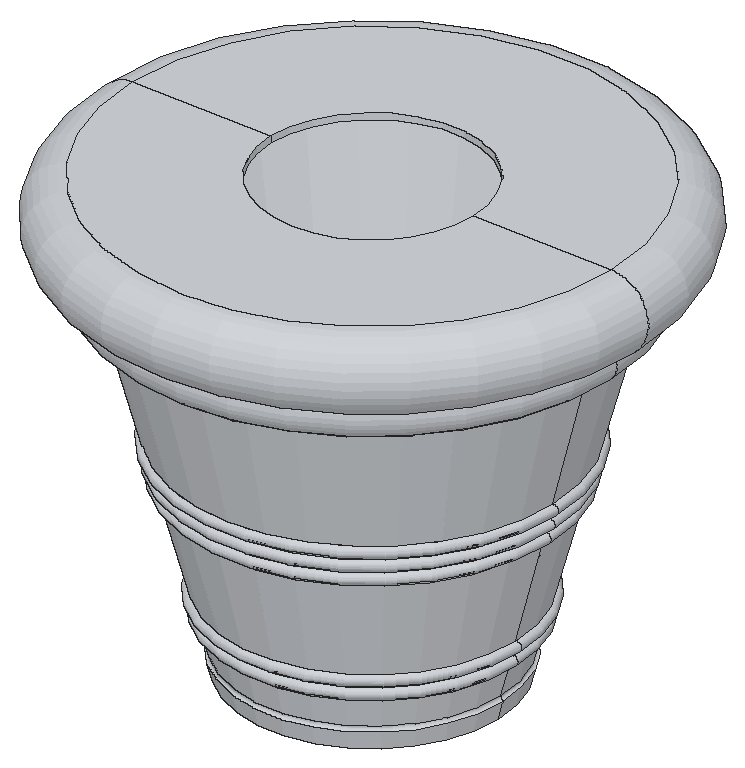
Revit family
Parameters (values of type "SBSP-051.1")
  Width = 2' - 6"
  URL = "www.strombergarchitectural.com"
  Top Material = GFRC
  Submittal Sheet = "www.strombergarchitectural.com/images/materials/gfrc/submittal/gfrc-submittal-sheet.pdf"
  Specifications = "www.strombergarchitectural.com/gfrcspecifications"
  Model Cut-sheet = "www.strombergarchitectural.com/products/bollards/design/SBSP-051"
  Model = "SBSP-051"
  Manufacturer = "Stromberg Architectural Products"
  Guidebook = "www.strombergarchitectural.com/images/materials/gfrc/handbooks/gfrc_guidebook.pdf   \r\n(http://www.strombergarchitectural.com/images/materials/gfrc/handbooks/gfrc_guidebook.pdf"
  Frame Material = none
  Description = "GFRC Bollard"
  Assembly Code = ""
  Height = 2' - 0"
  051.5 = no
  051.4 = no
  051.3 = no
  051.2 = no
  051.1 = yes
Types (6): name | Width | Guidebook | Height | 051.5 | 051.4 | 051.3 | 051.2 | 051.1
  (no name) | 2' - 6" | "www.strombergarchitectural.com/images/materials/gfrc/handbooks/gfrc_guidebook.pdf   \r\n(http://www.strombergarchitectural.com/images/materials/gfrc/handbooks/gfrc_guidebook.pdf" | 2' - 0" | no | no | no | no | yes
  SBSP-051.3 | 3' - 9" | "www.strombergarchitectural.com/images/materials/gfrc/handbooks/gfrc_guidebook.pdf" | 3' - 0" | no | no | yes | no | no
  SBSP-051.1 | 2' - 6" | "www.strombergarchitectural.com/images/materials/gfrc/handbooks/gfrc_guidebook.pdf   \r\n(http://www.strombergarchitectural.com/images/materials/gfrc/handbooks/gfrc_guidebook.pdf" | 2' - 0" | no | no | no | no | yes
  SBSP-051.2 | 3' - 1" | "www.strombergarchitectural.com/images/materials/gfrc/handbooks/gfrc_guidebook.pdf" | 2' - 6" | no | no | no | yes | no
  SBSP-051.4 | 4' - 5" | "www.strombergarchitectural.com/images/materials/gfrc/handbooks/gfrc_guidebook.pdf" | 3' - 6" | no | yes | no | no | no
  SBSP-051.5 | 5' - 1" | "www.strombergarchitectural.com/images/materials/gfrc/handbooks/gfrc_guidebook.pdf" | 4' - 0" | yes | no | no | no | no
Reference planes (in)
  plane 1 "Center (Front/Back)": y = 3.74847
  plane 2: z = 0
  plane 3 "Center (Left/Right)": x = 0.7278
  plane 4 "Front": y = -3.25153
  plane 5 "Back": y = 10.74847
  plane 6 "Left": x = -17.2722
  plane 7 "Right": x = 18.7278
Forms (in)
  Revolve 1, solid, visible <- "051.1"
    sketch origin (-71.76112, 3.74847, -50.54325) x (1, 0, 0) y (0, 0, 1)
      loop
        line (78.00795, 50.54325) -> (79.34128, 50.54325) -> (79.59245, 51.46519)
        arc (79.59245, 51.46519) -> (79.48632, 51.55811) -> (79.49261, 51.69903) r 0.16278
        line (79.49261, 51.69903) -> (79.88976, 53.15682)
        arc (79.88976, 53.15682) -> (79.9674, 53.28768) -> (80.09758, 53.36645) r 0.31293
        arc (80.09758, 53.36645) -> (80.37416, 53.64304) -> (80.09758, 53.91962) r 0.27658
        arc (80.09758, 53.91962) -> (80.17522, 54.05048) -> (80.30539, 54.12925) r 0.31293
        arc (80.30539, 54.12925) -> (80.58198, 54.40584) -> (80.30539, 54.68242) r 0.27658
        line (80.30539, 54.68242) -> (81.68729, 59.75475)
        arc (81.68729, 59.75475) -> (81.76492, 59.88561) -> (81.8951, 59.96439) r 0.31293
        arc (81.8951, 59.96439) -> (82.17168, 60.24097) -> (81.8951, 60.51755) r 0.27658
        arc (81.8951, 60.51755) -> (81.97274, 60.64841) -> (82.10292, 60.72719) r 0.31293
        arc (82.10292, 60.72719) -> (82.3795, 61.00377) -> (82.10292, 61.28036) r 0.27658
        arc (82.10292, 61.28036) -> (82.18055, 61.41122) -> (82.31073, 61.48999) r 0.31293
        arc (82.31073, 61.48999) -> (82.58731, 61.76657) -> (82.31073, 62.04316) r 0.27658
        line (82.31073, 62.04316) -> (84.03833, 68.38442)
        arc (84.03833, 68.38442) -> (84.31411, 68.6597) -> (84.66494, 68.82927) r 1.1712
        arc (84.66494, 68.82927) -> (85.06438, 68.92785) -> (85.4114, 69.14887) r 1.27093
        arc (85.4114, 69.14887) -> (85.76282, 69.81726) -> (85.6887, 70.56876) r 1.31521
        arc (85.6887, 70.56876) -> (87.48778, 72.64677) -> (85.49826, 74.54325) r 1.9918
        line (85.49826, 74.54325) -> (78.00795, 74.54325) -> (78.00795, 74.20991) -> (83.73135, 74.20991) -> (78.00795, 50.54325)
      axis (72.48892, 50.54325) -> (72.48892, 74.54325)
    angle from 0 to 360
  Revolve 2, solid, visible <- "051.2"
    sketch origin (-134.19196, 3.74847, -50.54325) x (1, 0, 0) y (0, 0, 1)
      loop
        line (141.61834, 50.54325) -> (143.23664, 50.54325) -> (143.54149, 51.66223)
        arc (143.54149, 51.66223) -> (143.41267, 51.77501) -> (143.42031, 51.94605) r 0.19756
        line (143.42031, 51.94605) -> (143.90234, 53.7154)
        arc (143.90234, 53.7154) -> (143.99657, 53.87423) -> (144.15457, 53.96984) r 0.37982
        arc (144.15457, 53.96984) -> (144.49027, 54.30554) -> (144.15457, 54.64123) r 0.3357
        arc (144.15457, 54.64123) -> (144.2488, 54.80006) -> (144.4068, 54.89567) r 0.37982
        arc (144.4068, 54.89567) -> (144.7425, 55.23137) -> (144.4068, 55.56706) r 0.3357
        line (144.4068, 55.56706) -> (146.08404, 61.72348)
        arc (146.08404, 61.72348) -> (146.17827, 61.88231) -> (146.33627, 61.97792) r 0.37982
        arc (146.33627, 61.97792) -> (146.67196, 62.31361) -> (146.33627, 62.64931) r 0.3357
        arc (146.33627, 62.64931) -> (146.4305, 62.80814) -> (146.5885, 62.90375) r 0.37982
        arc (146.5885, 62.90375) -> (146.92419, 63.23944) -> (146.5885, 63.57514) r 0.3357
        arc (146.5885, 63.57514) -> (146.68273, 63.73397) -> (146.84073, 63.82958) r 0.37982
        arc (146.84073, 63.82958) -> (147.17642, 64.16527) -> (146.84073, 64.50097) r 0.3357
        line (146.84073, 64.50097) -> (148.93755, 72.19752)
        arc (148.93755, 72.19752) -> (149.27228, 72.53163) -> (149.69809, 72.73744) r 1.42151
        arc (149.69809, 72.73744) -> (150.1829, 72.85709) -> (150.60409, 73.12535) r 1.54256
        arc (150.60409, 73.12535) -> (151.03061, 73.93659) -> (150.94065, 74.8487) r 1.59631
        arc (150.94065, 74.8487) -> (153.12424, 77.37083) -> (150.70951, 79.67263) r 2.4175
        line (150.70951, 79.67263) -> (141.61834, 79.67263) -> (141.61834, 79.26806) -> (148.56496, 79.26806) -> (141.61834, 50.54325)
      axis (134.91976, 50.54325) -> (134.91976, 79.67263)
    angle from 0 to 360
  Revolve 3, solid, visible <- "051.3"
    sketch origin (-210.48024, 3.74847, -50.54325) x (1, 0, 0) y (0, 0, 1)
      loop
        line (219.48658, 50.54325) -> (221.48658, 50.54325) -> (221.86334, 51.92616)
        arc (221.86334, 51.92616) -> (221.70413, 52.06554) -> (221.71357, 52.27692) r 0.24416
        line (221.71357, 52.27692) -> (222.3093, 54.4636)
        arc (222.3093, 54.4636) -> (222.42576, 54.65989) -> (222.62103, 54.77806) r 0.4694
        arc (222.62103, 54.77806) -> (223.0359, 55.19293) -> (222.62103, 55.6078) r 0.41487
        arc (222.62103, 55.6078) -> (222.73748, 55.8041) -> (222.93275, 55.92226) r 0.4694
        arc (222.93275, 55.92226) -> (223.34762, 56.33713) -> (222.93275, 56.75201) r 0.41487
        line (222.93275, 56.75201) -> (225.00559, 64.36051)
        arc (225.00559, 64.36051) -> (225.12204, 64.5568) -> (225.31731, 64.67496) r 0.4694
        arc (225.31731, 64.67496) -> (225.73218, 65.08984) -> (225.31731, 65.50471) r 0.41487
        arc (225.31731, 65.50471) -> (225.43376, 65.701) -> (225.62903, 65.81916) r 0.4694
        arc (225.62903, 65.81916) -> (226.04391, 66.23404) -> (225.62903, 66.64891) r 0.41487
        arc (225.62903, 66.64891) -> (225.74549, 66.8452) -> (225.94075, 66.96336) r 0.4694
        arc (225.94075, 66.96336) -> (226.35563, 67.37824) -> (225.94075, 67.79311) r 0.41487
        line (225.94075, 67.79311) -> (228.53215, 77.30501)
        arc (228.53215, 77.30501) -> (228.94582, 77.71793) -> (229.47207, 77.97228) r 1.7568
        arc (229.47207, 77.97228) -> (230.07123, 78.12015) -> (230.59176, 78.45168) r 1.9064
        arc (230.59176, 78.45168) -> (231.11888, 79.45427) -> (231.00771, 80.58152) r 1.97282
        arc (231.00771, 80.58152) -> (233.70633, 83.69853) -> (230.72204, 86.54325) r 2.98771
        line (230.72204, 86.54325) -> (219.48658, 86.54325) -> (219.48658, 86.04325) -> (228.07168, 86.04325) -> (219.48658, 50.54325)
      axis (211.20804, 50.54325) -> (211.20804, 86.54325)
    angle from 0 to 360
  Revolve 4, solid, visible <- "051.4"
    sketch origin (-286.55615, 3.74847, -50.54325) x (1, 0, 0) y (0, 0, 1)
      loop
        line (297.14201, 50.54325) -> (299.5236, 50.54325) -> (299.97224, 52.19001)
        arc (299.97224, 52.19001) -> (299.78266, 52.35599) -> (299.7939, 52.6077) r 0.29075
        line (299.7939, 52.6077) -> (300.5033, 55.21159)
        arc (300.5033, 55.21159) -> (300.64197, 55.44533) -> (300.8745, 55.58604) r 0.55896
        arc (300.8745, 55.58604) -> (301.36853, 56.08007) -> (300.8745, 56.5741) r 0.49403
        arc (300.8745, 56.5741) -> (301.01317, 56.80784) -> (301.24569, 56.94855) r 0.55896
        arc (301.24569, 56.94855) -> (301.73972, 57.44258) -> (301.24569, 57.93661) r 0.49403
        line (301.24569, 57.93661) -> (303.71402, 66.99678)
        arc (303.71402, 66.99678) -> (303.85269, 67.23053) -> (304.08522, 67.37123) r 0.55896
        arc (304.08522, 67.37123) -> (304.57925, 67.86526) -> (304.08522, 68.35929) r 0.49403
        arc (304.08522, 68.35929) -> (304.22389, 68.59304) -> (304.45641, 68.73374) r 0.55896
        arc (304.45641, 68.73374) -> (304.95044, 69.22777) -> (304.45641, 69.7218) r 0.49403
        arc (304.45641, 69.7218) -> (304.59509, 69.95555) -> (304.82761, 70.09625) r 0.55896
        arc (304.82761, 70.09625) -> (305.32164, 70.59028) -> (304.82761, 71.08431) r 0.49403
        line (304.82761, 71.08431) -> (307.91343, 82.41105)
        arc (307.91343, 82.41105) -> (308.40604, 82.90274) -> (309.03269, 83.20562) r 2.09199
        arc (309.03269, 83.20562) -> (309.74616, 83.38171) -> (310.36601, 83.7765) r 2.27013
        arc (310.36601, 83.7765) -> (310.99371, 84.97038) -> (310.86132, 86.3127) r 2.34923
        arc (310.86132, 86.3127) -> (314.07482, 90.02442) -> (310.52115, 93.41189) r 3.55775
        line (310.52115, 93.41189) -> (297.14201, 93.41189) -> (297.14201, 92.8165) -> (307.36511, 92.8165) -> (297.14201, 50.54325)
      axis (287.28396, 50.54325) -> (287.28396, 93.41189)
    angle from 0 to 360
  Revolve 5, solid, visible <- "051.5"
    sketch origin (-375.49373, 3.74847, -50.54325) x (1, 0, 0) y (0, 0, 1)
      loop
        line (387.66413, 50.54325) -> (390.42853, 50.54325) -> (390.94928, 52.45471)
        arc (390.94928, 52.45471) -> (390.72923, 52.64736) -> (390.74228, 52.93954) r 0.33748
        line (390.74228, 52.93954) -> (391.5657, 55.96197)
        arc (391.5657, 55.96197) -> (391.72667, 56.23328) -> (391.99657, 56.3966) r 0.64881
        arc (391.99657, 56.3966) -> (392.57, 56.97004) -> (391.99657, 57.54348) r 0.57344
        arc (391.99657, 57.54348) -> (392.15753, 57.81479) -> (392.42743, 57.97812) r 0.64881
        arc (392.42743, 57.97812) -> (393.00087, 58.55156) -> (392.42743, 59.125) r 0.57344
        line (392.42743, 59.125) -> (395.2925, 69.64147)
        arc (395.2925, 69.64147) -> (395.45347, 69.91279) -> (395.72337, 70.07611) r 0.64881
        arc (395.72337, 70.07611) -> (396.29681, 70.64955) -> (395.72337, 71.22299) r 0.57344
        arc (395.72337, 71.22299) -> (395.88433, 71.4943) -> (396.15423, 71.65762) r 0.64881
        arc (396.15423, 71.65762) -> (396.72767, 72.23106) -> (396.15423, 72.8045) r 0.57344
        arc (396.15423, 72.8045) -> (396.31519, 73.07582) -> (396.58509, 73.23914) r 0.64881
        arc (396.58509, 73.23914) -> (397.15853, 73.81258) -> (396.58509, 74.38602) r 0.57344
        line (396.58509, 74.38602) -> (400.16692, 87.53337)
        arc (400.16692, 87.53337) -> (400.7387, 88.1041) -> (401.46608, 88.45567) r 2.42825
        arc (401.46608, 88.45567) -> (402.29424, 88.66006) -> (403.01371, 89.1183) r 2.63503
        arc (403.01371, 89.1183) -> (403.74231, 90.50408) -> (403.58864, 92.06216) r 2.72683
        arc (403.58864, 92.06216) -> (407.31867, 96.3705) -> (403.19379, 100.30246) r 4.12961
        line (403.19379, 100.30246) -> (387.66413, 100.30246) -> (387.66413, 99.61136) -> (399.53046, 99.61136) -> (387.66413, 50.54325)
      axis (376.22153, 50.54325) -> (376.22153, 100.30246)
    angle from 0 to 360
Dimensions and locks (in)
  aligned and locked: level to plane 2
